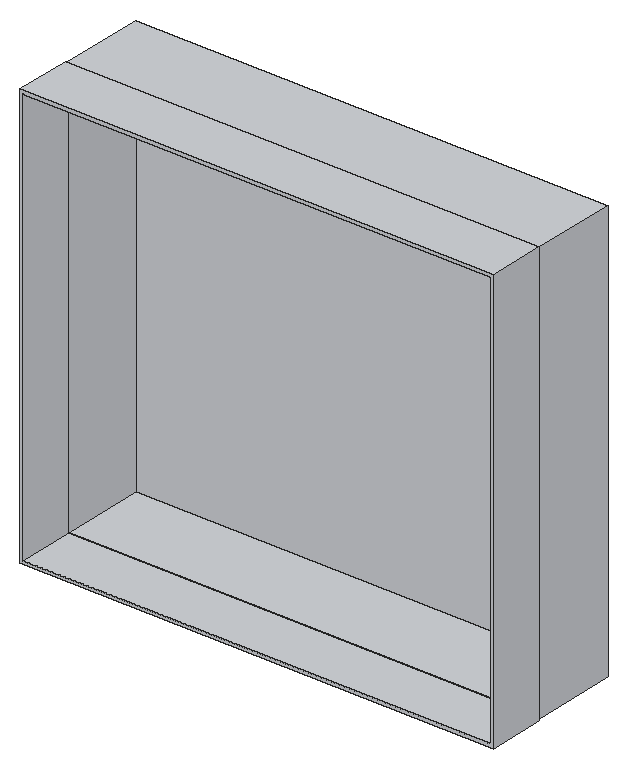
Revit family "Hager-Vega_D-IP30-vazio-NoHosted-PT-pt", category Electrical Equipment, Revit 2020
Family settings
  Panel Configuration = Two Columns, Circuits Across
  Round Connector Dimension = Use Diameter
  Part Type = Panelboard
  Work Plane-Based = Yes
  Always vertical = Yes
  Cut with Voids When Loaded = No
  Shared = No
  Room Calculation Point = No
Parameters (values of type "Montagem embutida IP30 L600 A537 P182 24 unidade de divisão - FU22AN")
  Width Control [instance] = if([HG000006 - Encastrado], if([EF000846 - Largura para embutir] > min_whd, [EF000846 - Largura para embutir], min_whd), if([EF000008 - Largura] > min_whd, ([EF000008 - Largura]), min_whd))  # 600 mm
  Void Depth [instance] = if([EF000218 - Profundidade incorporada] > 1 mm, [EF000218 - Profundidade incorporada], 1 mm)  # 110 mm
  Type Comments = [HG000003 - Gama]  # "Vega D"
  System Height [instance] = Height Control - 2 * [HG000005 - Espessura]  # 531 mm
  Panel Name [instance] = ""  # (empty or 0)
  Offset [instance] = 0 mm
  Model = [HG000004 - Referência do Fabricante]  # "FU22AN"
  Level Offset [instance] = [Flush Mounted - Door Frame Width] + Offset  # 0 mm
  HG000017 - Distância entre polos = 18 mm
  HG000016 - Visibilidade da porta 3D [instance] = yes
  HG000015 - Visibilidade através da porta [instance] = no
  HG000014 - Porta à direita [instance] = yes
  HG000013 - Porta à esquerda [instance] = not([HG000014 - Porta à direita])  # no
  HG000012 - Ângulo de abertura de porta [instance] = 45.00°
  HG000011 - Filas vazias desde da parte de baixo = no
  HG000010 - Portas assimétricas = no
  HG000009 - Porta dupla = no
  HG000008 - Número de filas vazias = 0
  HG000007 - Número de colunas vazias = 0
  HG000006 - Encastrado = yes
  HG000005 - Espessura = 3 mm  # constant formula
  HG000004 - Referência do Fabricante = "FU22AN"
  HG000003 - Gama = "Vega D"
  HG000002 - Com porta ou tampa = no
  HG000001 - Número de colunas = 0
  EF015941 - Porta para passagem de sinal = no
  EF015777 - Borne de neutro = no
  EF015776 - Borne de terra = no
  EF009212 - Tipo de tampa = "EV009916 - Com recuo"
  EF006306 - Com fecho = no
  EF006244 - Tampa/porta transparente = no
  EF005474 - Grau de proteção (IP) = "EV006410 - IP30"
  EF004462 - Tipo de fecho = ""
  EF002950 - Largura em número de módulos = 24
  EF001596 - Material do corpo = "EV000154 - Outro"
  EF001134 - Calha DIN = yes
  EF001131 - Profundidade interior = 110 mm
  EF001088 - Extensão possível = yes
  EF001062 - Versão EMC = no
  EF000846 - Largura para embutir = 600 mm
  EF000339 - Tipo de difusor = "EV000494 - Nenhum"
  EF000332 - Altura embutida = 537 mm
  EF000266 - Número de linhas = 0
  EF000218 - Profundidade incorporada = 110 mm
  EF000118 - Com tampa de montagem = no
  EF000116 - Número RAL = "9010"
  EF000049 - Profundidade = 182 mm
  EF000040 - Altura = 537 mm
  EF000008 - Largura = 600 mm
  EF000007 - Cor = "EV000202 - Branco"
  EF000003 - Método de montagem = "EV000383 - Montagem embutida (gesso)"
  Description = ""
  Default Elevation = 1219.2 mm
  Arrow Offset [instance] = Depth Control / 8  # 13.75 mm
  Arrow Height [instance] = Depth Control - Arrow Offset  # 96.25 mm
  Host Offset [instance] = if([HG000006 - Encastrado], 0 mm, [EF000049 - Profundidade])  # 0 mm
  min_whd [instance] = (2 * [HG000005 - Espessura]) + 1 mm  # 7 mm
  Manufacturer = "Hager"  # constant formula
  Height Control [instance] = if([HG000006 - Encastrado], if([EF000332 - Altura embutida] > min_whd, [EF000332 - Altura embutida], min_whd), if([EF000040 - Altura] > min_whd, ([EF000040 - Altura]), min_whd))  # 537 mm
  Flush Mounted - Door Frame Width [instance] = if(([EF000040 - Altura] - [EF000332 - Altura embutida]) > 0 mm, if([HG000006 - Encastrado], [EF000040 - Altura] - [EF000332 - Altura embutida], 0 mm), 0 mm)  # 0 mm
  Depth Control [instance] = if([HG000006 - Encastrado], if([EF000218 - Profundidade incorporada] > 0 mm, [EF000218 - Profundidade incorporada], 1 mm), if([EF000049 - Profundidade] > 0 mm, ([EF000049 - Profundidade]), 1 mm))  # 110 mm
Reference planes
  plane 1 "Center (Front/Back)": y = 0
  plane 2: z = 0
  plane 3 "Center (Left/Right)": x = 0
  plane 4: y = 3
  plane 5: y = 110
  plane 6: y = 0
  plane 7: z = 0
  plane 8: x = -300
  plane 9: x = 300
  plane 10: x = 297
  plane 11: x = -297
  plane 12: z = 0
  plane 13: z = 3
  plane 14: y = 5
  plane 15: y = 0
  plane 16: y = 107
  plane 17: z = 534
  plane 18: z = 537
  plane 19: z = 268.5
  plane 20: x = 0
  plane 21: y = -100
Forms (mm)
  Extrusion 1, solid
    sketch origin (-208.679, -4572, 0) x (-1, 0, 0) y (0, -1, 0)
      loop
        line (91.321, -4572) -> (-508.679, -4572) -> (-508.679, -4682) -> (91.321, -4682) -> (91.321, -4572)
    from 0 to 537 <- "Height Control"
  Extrusion 2, void
    sketch origin (-350.771, 0, 1219.2) x (1, 0, 0) y (0, 0, 1)
      loop
        line (53.771, -685.2) -> (53.771, -1216.2) -> (647.771, -1216.2) -> (647.771, -685.2) -> (53.771, -685.2)
    from 0 to -107
  Extrusion 3, solid, detail levels coarse+medium
    sketch origin (-350.771, 0, 1219.2) x (-1, 0, 0) y (0, 0, 1)
      loop
        line (-53.771, -685.2) -> (-647.771, -685.2) -> (-647.771, -1216.2) -> (-53.771, -1216.2) -> (-53.771, -685.2)
    from 0 to 3 <- "HG000005 - Espessura"
Cuts and joins
  Extrusion 2 cuts Extrusion 1
Dimensions and locks
  "Flush Mounted - Door Frame Width": plane 1 "Center (Front/Back)" to plane 6
  "HG000005 - Espessura": plane 4 to plane 6
  "HG000005 - Espessura": plane 8 to plane 11
  "HG000005 - Espessura": plane 9 to plane 10
  equal spacing: plane 8, plane 3 "Center (Left/Right)", plane 9
  "Width Control": plane 8 to plane 9
  locked: plane 14 to plane 15 at 5
  "Host Offset": plane 1 "Center (Front/Back)" to plane 15
  "Depth Control": plane 5 to plane 15
  "HG000005 - Espessura": plane 5 to plane 16
  "HG000005 - Espessura": plane 13 to plane 12
  "Level Offset": plane 12 to level
  "HG000005 - Espessura": plane 18 to plane 17
  "Height Control": plane 18 to plane 12
  "Arrow Offset": plane 5 to nested 4
  equal spacing: plane 18, plane 19, plane 12
  locked: connector elem to plane 19
  locked: connector elem to plane 3 "Center (Left/Right)"
  aligned and locked: nested 1 to plane 14
  aligned and locked: plane 3 "Center (Left/Right)" to nested 1
  aligned and locked: plane 3 "Center (Left/Right)" to nested 2
  aligned and locked: nested 2 to plane 15
  aligned and locked: plane 5 to Extrusion 1
  aligned and locked: Extrusion 3 sketch curve to plane 17
  aligned and locked: Extrusion 3 sketch curve to plane 11
  aligned and locked: Extrusion 3 sketch curve to plane 13
  aligned and locked: Extrusion 3 sketch curve to plane 10
  aligned and locked: Extrusion 2 sketch curve to plane 13
  aligned and locked: Extrusion 2 sketch curve to plane 10
  aligned and locked: Extrusion 2 sketch curve to plane 17
  aligned and locked: Extrusion 2 sketch curve to plane 11
  aligned and locked: plane 16 to Extrusion 2
  aligned and locked: plane 5 to Extrusion 1 sketch curve
  aligned and locked: plane 9 to Extrusion 1 sketch curve
  aligned and locked: plane 8 to Extrusion 1 sketch curve
  aligned and locked: plane 8 to nested 4
  aligned and locked: plane 8 to nested 3
  aligned and locked: nested 3 to plane 5
  aligned and locked: Extrusion 1 sketch curve to plane 15
  aligned and locked: Extrusion 2 to plane 15
Nested families
  nested 1: "Hager_Enclosure_System" at (0, 5, 3), Flush_Mounted <- "HG000006 - Encastrado", Width <- "EF000008 - Largura", Height <- "System Height", Width_Control <- "Width Control", Row_Module_Multiplicator <- "EF002950 - Largura em número de módulos", Empty_Columns <- "HG000007 - Número de colunas vazias", Built-in_Width <- "EF000846 - Largura para embutir", Border <- "HG000005 - Espessura", Total_No_Empty_Rows <- "HG000008 - Número de filas vazias", Depth <- "HG000005 - Espessura", Empty_Rows_From_Bottom <- "HG000011 - Filas vazias desde da parte de baixo", Distance_Between_Poles <- "HG000017 - Distância entre polos", Rows_Count <- "EF000266 - Número de linhas", Columns_Count <- "HG000001 - Número de colunas", type "Hager_Enclosure_System", detail levels medium+fine
    with Width_Control 600 mm, Width 600 mm, Total_No_Rows 0, Total_No_Empty_Rows 0, Total_No_Columns 1, System_Width 594 mm, Rows_Count 0, Rows_Column 0, Row_Module_Multiplicator 24, Panel_4 no, Panel_3 no, Panel_2 no, Panel_1 no, No_Panels_Ctrl 1, Hide_Columns yes, Height 531 mm, Flush_Mounted yes, Empty_Rows_From_Bottom no, Empty_Rows_Column 0, Empty_Columns 0, Distance_Between_Poles 18 mm, Depth 3 mm, Columns_Count 0, Column_Width 594 mm, Built-in_Width 600 mm, Border 3 mm
  nested 2: "Hager_Enclosure_Door" at (0, 0, 0), Double <- "HG000009 - Porta dupla", Height_Ctrl <- "Height Control", Transparent <- "EF006244 - Tampa/porta transparente", Depth <- "EF000049 - Profundidade", Height <- "EF000040 - Altura", Angle <- "HG000012 - Ângulo de abertura de porta", Door_Right <- "HG000014 - Porta à direita", Assymetrical <- "HG000010 - Portas assimétricas", Flush_Mounted <- "HG000006 - Encastrado", BuiltIn_Depth <- "EF000218 - Profundidade incorporada", BuiltIn_Width <- "EF000846 - Largura para embutir", Door <- "HG000002 - Com porta ou tampa", Width_Ctrl <- "Width Control", 3d_Door <- "HG000016 - Visibilidade da porta 3D", Width <- "EF000008 - Largura", Border <- "HG000005 - Espessura", BuiltIn_Height <- "EF000332 - Altura embutida", Clearance <- "HG000015 - Visibilidade através da porta", Door_Left <- "HG000013 - Porta à esquerda", type "Hager_Enclosure_Door", detail levels medium+fine
    with min_wh 7 mm, Width_Ctrl 600 mm, Width 600 mm, Transparent_Door_No_Bottom_Border no, Transparent no, Leaf_Width 591 mm, Leaf_Tolerance 1.5 mm, Leaf_Height 528 mm, Leaf_2_Width 591 mm, Leaf_2_Offset 295.5 mm, Leaf_1_Width 591 mm, Leaf_1_Offset 295.5 mm, Height_Ctrl 537 mm, Height 537 mm, Frame_Width_Ctrl 1 mm, Frame_Width 0 mm, Frame_Internal_Offset 3 mm, Frame_Height_Ctrl 1 mm, Frame_Height 0 mm, Frame_Depth_Ctrl 72 mm, Frame_Depth 72 mm, Flush_Mounted yes, Double_Clearance_Ctrl no, Double no, Door_Right_Ctrl no, Door_Right yes, Door_Left_Ctrl no, Door_Left no, Door no, Depth 182 mm, Clearance_Depth 591 mm, Clearance_Ctrl no, Clearance no, BuiltIn_Width 600 mm, BuiltIn_Height 537 mm, BuiltIn_Depth 110 mm, Border 3 mm, Assymetrical no, Angle 45.00°, 3d_Door yes
  nested 3: "Hager_Enclosure_Symbol_Triangle" at (-300, 110, 0), Depth <- "Depth Control", Width <- "Width Control", type "Hager_Enclosure_Symbol_Triangle"
    with Width_Ctrl 600 mm, Width 600 mm, Depth_Ctrl 110 mm, Depth 110 mm
  nested 4: "Hager_Enclosure_Symbol_Arrow" at (-300, 96.25, 0), Height <- "Arrow Height", type "Hager_Enclosure_Symbol_Arrow"
    with Width_Inside 7.219 mm, Width 86.625 mm, Height_Ctrl 96.25 mm, Height 96.25 mm
Connectors
  electrical at (0, 110, 268.5)
    settings: on plane 5, index 1, voltage 0 V, apparent load 0 VA, apparent load phase1 0 VA, apparent load phase2 0 VA, apparent load phase3 0 VA, power factor 1, load classification "Other", number of poles 1, system type 30, power factor state 1, is connector primary yes, connector utility no, sub classification motor no, connector description ""
Definition of nested family "Hager_Enclosure_Door"
  Parameters (values of type "Hager_Enclosure_Door")
    min_wh [instance] = (2 * Border) + 1 mm  # 11 mm
    Width_Ctrl [instance] = 400 mm
    Width [instance] = 500 mm
    Transparent_Door_No_Bottom_Border [instance] = no
    Transparent [instance] = yes
    Leaf_Width [instance] = if((Width_Ctrl - 2 * Border - 2 * Leaf_Tolerance) > 0 mm, (Width_Ctrl - 2 * Border - 2 * Leaf_Tolerance), min_wh)  # 387 mm
    Leaf_Tolerance [instance] = 1.5 mm  # constant formula
    Leaf_Height [instance] = if((Height_Ctrl - 2 * Border - 2 * Leaf_Tolerance) > 0 mm, (Height_Ctrl - 2 * Border - 2 * Leaf_Tolerance), min_wh)  # 387 mm
    Leaf_2_Width [instance] = if(and(and(Double, Assymetrical), Door_Left), (Leaf_Width / 3) - (Leaf_Tolerance / 2), if(and(and(Double, Assymetrical), Door_Right), (Leaf_Width / 3) * 2 - (Leaf_Tolerance / 2), if(and(Double, not(Assymetrical)), (Leaf_Width / 2) - Leaf_Tolerance, Leaf_Width)))  # 387 mm
    Leaf_2_Offset [instance] = if(and(Double, Assymetrical), Leaf_2_Width / 2, if(and(Double, not(Assymetrical)), Leaf_Width / 4, Leaf_Width / 2))  # 193.5 mm
    Leaf_1_Width [instance] = if(and(and(Double, Assymetrical), Door_Right), (Leaf_Width / 3) - (Leaf_Tolerance / 2), if(and(and(Double, Assymetrical), Door_Left), (Width / 3) * 2 - (Leaf_Tolerance / 2), if(and(Double, not(Assymetrical)), (Leaf_Width / 2) - Leaf_Tolerance, Leaf_Width)))  # 387 mm
    Leaf_1_Offset [instance] = if(and(Double, Assymetrical), Leaf_1_Width / 2, if(and(Double, not(Assymetrical)), Leaf_Width / 4, Leaf_Width / 2))  # 193.5 mm
    Height_Ctrl [instance] = 400 mm
    Height [instance] = 500 mm
    Frame_Width_Ctrl [instance] = if(Frame_Width > 0 mm, Frame_Width, 1 mm)  # 1 mm
    Frame_Width [instance] = Width - BuiltIn_Width  # 0 mm
    Frame_Internal_Offset [instance] = if(Flush_Mounted, Border, 0 mm)  # 5 mm
    Frame_Height_Ctrl [instance] = if(Frame_Height > 0 mm, Frame_Height, 1 mm)  # 1 mm
    Frame_Height [instance] = Height - BuiltIn_Height  # 0 mm
    Frame_Depth_Ctrl [instance] = if(Frame_Depth > 0 mm, Frame_Depth, 1 mm)  # 1 mm
    Frame_Depth [instance] = if(Depth - BuiltIn_Depth > 0 mm, if(Flush_Mounted, Depth - BuiltIn_Depth, 0 mm), 0 mm)  # 0 mm
    Flush_Mounted [instance] = yes
    Double_Clearance_Ctrl [instance] = and(Double, Clearance)  # no
    Double [instance] = no
    Door_Right_Ctrl [instance] = and(or(Door_Right, Double), Door)  # yes
    Door_Right [instance] = yes
    Door_Left_Ctrl [instance] = and(or(Door_Left, Double), Door)  # no
    Door_Left [instance] = no
    Door [instance] = yes
    Depth [instance] = 500 mm
    Default Elevation = 1219.2 mm
    Clearance_Material = none
    Clearance_Depth [instance] = if(Leaf_1_Width > Leaf_2_Width, Leaf_1_Width, Leaf_2_Width)  # 387 mm
    Clearance_Ctrl [instance] = and(not(Double), Clearance)  # yes
    Clearance [instance] = yes
    BuiltIn_Width [instance] = 500 mm
    BuiltIn_Height [instance] = 500 mm
    BuiltIn_Depth [instance] = 500 mm
    Border [instance] = 5 mm
    Assymetrical [instance] = yes
    Angle [instance] = 30.00°
    3d_Door [instance] = yes
  Reference planes
    plane 1 "Center (Front/Back)": y = 0
    plane 2 "Bottom": z = 0
    plane 3 "Center (Left/Right)": x = 0
    plane 4: z = 400
    plane 5: x = -200
    plane 6: x = 200
    plane 7: z = 395
    plane 8: x = -195
    plane 9: z = 5
    plane 10: x = 195
    plane 11: y = 0
    plane 12: z = 6.5
    plane 13: x = -582
    plane 14: y = -387
    plane 15: x = 582
    plane 16: x = 0
    plane 17: x = 0
    plane 18: x = -193.5
    plane 19: x = 193.5
    plane 20: z = 393.5
  Forms (mm)
    Extrusion 1, solid, visible <- "Flush_Mounted"
      sketch origin (0, 0, 0) x (1, 0, 0) y (0, 0, 1)
        loop
          line (195, 5) -> (195, 395) -> (-195, 395) -> (-195, 5) -> (195, 5)
        loop
          line (-201, 401) -> (-201, -1) -> (201, -1) -> (201, 401) -> (-201, 401)
      from 0 to 1 <- "Frame_Depth_Ctrl"
    Extrusion 2, solid, material <- "Clearance_Material", visible <- "Double_Clearance_Ctrl"
      sketch origin (1200, 0, 0) x (1, 0, 0) y (0, 0, -1)
        loop
          line (-1782, -393.5) -> (-618, -393.5) -> (-618, 0) -> (-1782, 0) -> (-1782, -393.5)
      from 0 to -387
  Dimensions and locks
    equal spacing: plane 5, plane 3 "Center (Left/Right)", plane 6
    "Width_Ctrl": plane 5 to plane 6
    "Border": plane 5 to plane 8
    "Border": plane 6 to plane 10
    "Border": plane 9 to level
    "Border": plane 4 to plane 7
    "Height_Ctrl": plane 4 to level
    "Leaf_Tolerance": plane 12 to plane 9
    "Frame_Depth": plane 11 to plane 1 "Center (Front/Back)"
    "Frame_Width_Ctrl": plane 5 to Extrusion 1 sketch curve
    "Frame_Width_Ctrl": plane 6 to Extrusion 1 sketch curve
    "Frame_Width_Ctrl": Extrusion 1 sketch curve to plane 4
    "Frame_Width_Ctrl": plane 2 "Bottom" to Extrusion 1 sketch curve
    "Leaf_1_Offset": plane 18 to plane 16
    "Leaf_2_Offset": plane 17 to plane 19
    "Leaf_1_Width": plane 13 to plane 8
    "Leaf_2_Width": plane 10 to plane 15
    "Clearance_Depth": plane 14 to plane 1 "Center (Front/Back)"
    "Leaf_Tolerance": plane 8 to plane 18
    "Leaf_Tolerance": plane 19 to plane 10
    "Leaf_Tolerance": plane 7 to plane 20
    "Frame_Internal_Offset": plane 5 to Extrusion 1 sketch curve
    "Frame_Internal_Offset": Extrusion 1 sketch curve to plane 2 "Bottom"
    "Frame_Internal_Offset": plane 6 to Extrusion 1 sketch curve
    "Frame_Internal_Offset": plane 4 to Extrusion 1 sketch curve
    aligned and locked: level to plane 2 "Bottom"
    aligned and locked: nested 1 to plane 16
    aligned and locked: nested 2 to plane 17
    aligned and locked: Extrusion 2 to plane 13
    aligned and locked: plane 15 to Extrusion 2
    aligned and locked: Extrusion 2 to plane 14
    aligned and locked: plane 12 to nested 1
    aligned and locked: nested 2 to plane 12
    aligned and locked: Extrusion 2 to plane 11
    aligned and locked: plane 20 to Extrusion 2
    aligned and locked: nested 2 to plane 11
    aligned and locked: nested 1 to plane 11
  Automatic sketch dimensions
    Extrusion 2 sketch curve to level = 0 mm
    plane 5 to Extrusion 2 sketch curve = 382 mm
    plane 6 to Extrusion 2 sketch curve = 382 mm
    Extrusion 2 sketch curve to plane 4 = 6.5 mm
  Nested families
    nested 1: "Hager_Enclosure_Door_Leaf" at (0, 0, 6.5), Width <- "Leaf_1_Width", visible <- "Door_Left_Ctrl", Leaf_Height <- "Leaf_Height", Angle <- "Angle", Depth <- "Border", 3d_Door <- "3d_Door", Transparent <- "Transparent", Clearance Material <- "Clearance_Material", Clearance <- "Clearance_Ctrl", Transparent_Door_No_Bottom_Border <- "Transparent_Door_No_Bottom_Border", type "Hager_Enclosure_Door_Leaf"
      with Width 387 mm, Transparent_Door_No_Bottom_Border no, Transparent_Door_Border_Bottom_Top 25 mm, Transparent_Door_Border 25 mm, Transparent_Ctrl yes, Transparent yes, Standard no, Leaf_Height 387 mm, Glass_Offset 1 mm, Depth 5 mm, Clearance Material none, Clearance yes, Angle_Ctrl 30.00°, Angle 30.00°, 3d_Door yes
    nested 2: "Hager_Enclosure_Door_Leaf" at (0, 0, 6.5) x (-1, 0, 0) z (0, 0, 1), Width <- "Leaf_2_Width", visible <- "Door_Right_Ctrl", Leaf_Height <- "Leaf_Height", Angle <- "Angle", Depth <- "Border", 3d_Door <- "3d_Door", Transparent <- "Transparent", Clearance Material <- "Clearance_Material", Clearance <- "Clearance_Ctrl", Transparent_Door_No_Bottom_Border <- "Transparent_Door_No_Bottom_Border", type "Hager_Enclosure_Door_Leaf"
      with Width 387 mm, Transparent_Door_No_Bottom_Border no, Transparent_Door_Border_Bottom_Top 25 mm, Transparent_Door_Border 25 mm, Transparent_Ctrl yes, Transparent yes, Standard no, Leaf_Height 387 mm, Glass_Offset 1 mm, Depth 5 mm, Clearance Material none, Clearance yes, Angle_Ctrl 30.00°, Angle 30.00°, 3d_Door yes
  Definition of nested family "Hager_Enclosure_Door_Leaf"
    Parameters (values of type "Hager_Enclosure_Door_Leaf")
      Width [instance] = 2000 mm
      Transparent_Door_No_Bottom_Border [instance] = yes
      Transparent_Door_Border_Bottom_Top [instance] = if(Transparent_Door_No_Bottom_Border, 0.1 mm, Transparent_Door_Border)  # 0.1 mm
      Transparent_Door_Border [instance] = if(Transparent_Door_No_Bottom_Border, (Width * 0.12), 25 mm)  # 240 mm
      Transparent_Ctrl [instance] = and(Transparent, [3d_Door])  # yes
      Transparent [instance] = yes
      Standard [instance] = and(not(Transparent), [3d_Door])  # no
      Leaf_Height [instance] = 2720.336 mm
      Glass_Offset [instance] = if((Depth - 10 mm) / 2 > 0 mm, (Depth - 10 mm) / 2, 1 mm)  # 15 mm
      Glass_Material = none
      Depth [instance] = 40 mm
      Default Elevation = 0 mm
      Clearance Material [instance] = none
      Clearance [instance] = yes
      Angle_Ctrl [instance] = if(Angle > 170.00°, 170.00°, Angle)  # 45.00°
      Angle [instance] = 45.00°
      3d_Door [instance] = yes
    Reference planes
      plane 1 "Center (Front/Back)": y = 0
      plane 2: z = 0
      plane 3 "Center (Left/Right)": x = 0
      plane 4: y = 2000
      plane 5: x = -1000
      plane 6: x = 1000
      plane 7: x = -3000
      plane 8: z = 2720.336
      plane 9: z = 0.1
      plane 10: z = 2720.236
      plane 11: x = 760
      plane 12: x = -760
    Forms (mm)
      Extrusion 1, solid, material <- "Clearance Material", visible <- "Clearance"
        sketch origin (0, 0, 0) x (1, 0, 0) y (0, 0, 1)
          loop
            line (-3000, 2720.336) -> (-3000, 0) -> (1000, 0) -> (1000, 2720.336) -> (-3000, 2720.336)
        from 0 to -2000
      Extrusion 2, solid, visible <- "Standard", detail levels medium+fine
        sketch origin (-1000, 0, 0) x (0.707107, 0.707107, 0) y (-0.707107, 0.707107, 0)
          loop
            line (0, -40) -> (2000, -40) -> (2000, 0) -> (0, 0) -> (0, -40)
        from 0 to 2720.336 <- "Leaf_Height"
      Extrusion 3, solid, visible <- "Transparent_Ctrl", detail levels medium+fine
        sketch origin (-1000, 0, 0) x (0.707107, 0.707107, 0) y (-0.707107, 0.707107, 0)
          loop
            line (0, -40) -> (2000, -40) -> (2000, 0) -> (0, 0) -> (0, -40)
        from 0 to 2720.336 <- "Leaf_Height"
      Extrusion 4, void, detail levels medium+fine
        sketch origin (-1000, 0, 0) x (-0.707107, 0.707107, 0) y (0.707107, 0.707107, 0)
          loop
            line (0, 240) -> (0, 1760) -> (-40, 1760) -> (-40, 240) -> (0, 240)
        from -2720.236 to -0.1
      Extrusion 5, solid, material <- "Glass_Material", visible <- "Transparent_Ctrl", detail levels medium+fine
        sketch origin (-1000, 0, 0) x (0.707107, 0.707107, 0) y (-0.707107, 0.707107, 0)
          loop
            line (240, -15) -> (240, -25) -> (1760, -25) -> (1760, -15) -> (240, -15)
        from 0.1 to 2720.236
    Cuts and joins
      Extrusion 4 cuts Extrusion 3
    Lines and regions (mm)
      symbolic lines
        curve 1: line (1000, 0, 0) -> (-3000, 0, 0)
        curve 2: arc (1000, 0, 0) -> (-1000, 2000, 0) -> (-3000, 0, 0) r 2000
        curve 4: line (-1000, 0, 0) -> (414.214, 1414.214, 0)
      reference lines
        curve 3: line (-1000, 0, 0) -> (414.214, 1414.214, 0)
      symbolic lines, detail levels medium+fine
        curve 5: line (414.214, 1414.214, 0) -> (442.498, 1385.929, 0)
        curve 6: line (442.498, 1385.929, 0) -> (-971.716, -28.284, 0)
        curve 7: line (-971.716, -28.284, 0) -> (-1000, 0, 0)
        curve 8: line (-1000, 0, 2720.336) -> (1000, 0, 2720.336)
        curve 9: line (-1000, 0, 0) -> (-1000, 0, 2720.336)
        curve 10: line (1000, 0, 0) -> (-1000, 0, 0)
        curve 11: line (1000, 0, 2720.336) -> (1000, 0, 0)
      symbolic lines, visible <- "Transparent_Ctrl", detail levels medium+fine
        curve 12: line (-760, 0, 2720.236) -> (760, 0, 2720.236)
        curve 13: line (-760, 0, 0.1) -> (-760, 0, 2720.236)
        curve 14: line (760, 0, 0.1) -> (-760, 0, 0.1)
        curve 15: line (760, 0, 2720.236) -> (760, 0, 0.1)
    Dimensions and locks
      "Width": plane 1 "Center (Front/Back)" to plane 4
      equal spacing: plane 5, plane 3 "Center (Left/Right)", plane 6
      "Width": plane 5 to plane 6
      "Width": plane 7 to plane 5
      "Leaf_Height": plane 8 to level
      "Depth": curve 6 to curve 3
      "Width": curve 5 to curve 3
      "Width": curve 3 to curve 3
      "Transparent_Door_Border": Extrusion 4 sketch curve to curve 7
      "Transparent_Door_Border": Extrusion 4 sketch curve to curve 5
      "Transparent_Door_Border_Bottom_Top": plane 8 to plane 10
      "Transparent_Door_Border_Bottom_Top": plane 9 to level
      "Glass_Offset": Extrusion 5 sketch curve to curve 4
      "Glass_Offset": Extrusion 5 sketch curve to curve 6
      "Transparent_Door_Border": Extrusion 5 sketch curve to curve 5
      "Transparent_Door_Border": Extrusion 5 sketch curve to curve 7
      "Transparent_Door_Border": plane 12 to plane 5
      "Transparent_Door_Border": plane 6 to plane 11
      "Angle_Ctrl": angle plane 1 "Center (Front/Back)" to curve 3
      aligned and locked: level to plane 2
      aligned and locked: Extrusion 1 to curve 1
      aligned and locked: plane 6 to Extrusion 1
      aligned and locked: Extrusion 1 to plane 1 "Center (Front/Back)"
      aligned and locked: plane 4 to Extrusion 1
      aligned and locked: plane 8 to Extrusion 1
      aligned and locked: curve 4 to curve 3
      aligned and locked: Extrusion 2 sketch curve to curve 7
      aligned and locked: Extrusion 2 sketch curve to curve 6
      aligned and locked: Extrusion 2 sketch curve to curve 5
      aligned and locked: Extrusion 2 sketch curve to curve 3
      aligned and locked: curve 7 to Extrusion 3 sketch curve
      aligned and locked: Extrusion 3 sketch curve to curve 4
      aligned and locked: Extrusion 3 sketch curve to curve 6
      aligned and locked: Extrusion 3 sketch curve to curve 5
      aligned and locked: curve 4 to Extrusion 4 sketch curve
      aligned and locked: curve 6 to Extrusion 4 sketch curve
      aligned and locked: Extrusion 4 to plane 9
      aligned and locked: Extrusion 4 to plane 10
      aligned and locked: Extrusion 5 to plane 9
      aligned and locked: Extrusion 5 to plane 10
      aligned and locked: curve 8 to plane 8
      aligned and locked: plane 5 to curve 9
      aligned and locked: plane 2 to curve 10
      aligned and locked: curve 11 to plane 6
      aligned and locked: plane 10 to curve 12
      aligned and locked: plane 12 to curve 13
      aligned and locked: curve 14 to plane 9
      aligned and locked: plane 11 to curve 15
    Automatic sketch dimensions
      plane 1 "Center (Front/Back)" to curve 2 = 0 mm
      curve 2 to plane 5 = 0 mm
      Extrusion 1 sketch curve to level = 0 mm
      Extrusion 1 sketch curve to plane 7 = 0 mm
      Extrusion 1 sketch curve to plane 6 = 0 mm
      Extrusion 1 sketch curve to plane 8 = 0 mm
      plane 1 "Center (Front/Back)" to curve 3 = 0 mm
      curve 3 to plane 5 = 0 mm
      curve 7 to curve 3 = 0 mm
Definition of nested family "Hager_Enclosure_Symbol_Triangle"
  Parameters (values of type "Hager_Enclosure_Symbol_Triangle")
    Width_Ctrl [instance] = if(Width > 1 mm, Width, 1 mm)  # 498 mm
    Width [instance] = 498 mm
    Depth_Ctrl [instance] = if(Depth > 1 mm, Depth, 1 mm)  # 72 mm
    Depth [instance] = 72 mm
  Reference planes
    plane 1 "Centre (avant/arrière)": y = 0
    plane 2: z = 0
    plane 3 "Centre (gauche/droite)": x = 0
  Lines and regions (mm)
    Filled region 1, type "Solid_Black", in view "Niveau de réf."
      outline origin (0, 0, 0) x (1, 0, 0) y (0, 1, 0)
        loop
          line (0, 0) -> (498, 0) -> (498, 72) -> (0, 0)
    reference lines, in view "Niveau de réf."
      curve 1: line (-206.153, 72, 0) -> (1083.258, 72, 0)
      curve 2: line (498, 405.456, 0) -> (498, -517.619, 0)
  Dimensions and locks
    "Depth_Ctrl": plane 1 "Centre (avant/arrière)" to curve 1
    "Width_Ctrl": plane 3 "Centre (gauche/droite)" to curve 2
    aligned and locked: curve 1 to Filled region 1 sketch curve
    aligned and locked: Filled region 1 sketch curve to plane 1 "Centre (avant/arrière)"
    aligned and locked: curve 2 to Filled region 1 sketch curve
    aligned and locked: plane 3 "Centre (gauche/droite)" to Filled region 1 sketch curve
    aligned and locked: plane 1 "Centre (avant/arrière)" to Filled region 1 sketch curve
  Automatic sketch dimensions
    curve 1 to plane 3 "Centre (gauche/droite)" = 206.153 mm
    curve 2 to curve 1 = 585.258 mm
    plane 1 "Centre (avant/arrière)" to curve 2 = 517.619 mm
    curve 2 to plane 1 "Centre (avant/arrière)" = 405.456 mm
Definition of nested family "Hager_Enclosure_Symbol_Arrow"
  Parameters (values of type "Hager_Enclosure_Symbol_Arrow")
    Width_Inside [instance] = if(Width / 12 > 2 mm, Width / 12, 2 mm)  # 4.987 mm
    Width [instance] = if(Height_Ctrl * 0.9 > 2 mm, Height_Ctrl * 0.9, 2 mm)  # 59.85 mm
    Height_Ctrl [instance] = if(Height > 2 mm, Height, 2 mm)  # 66.5 mm
    Height [instance] = 66.5 mm
  Reference planes
    plane 1 "Centre (avant/arrière)": y = 0
    plane 2: z = 0
    plane 3 "Centre (gauche/droite)": x = 0
    plane 4: x = 59.85
    plane 5: y = 28.263
    plane 6: y = 38.238
    plane 7: y = 66.5
    plane 8: x = 29.925
    plane 9: y = 33.25
  Lines and regions (mm)
    Filled region 1, type "Solid_Black", in view "Niveau de réf."
      outline origin (0, 0, 0) x (1, 0, 0) y (0, 1, 0)
        loop
          line (59.85, 66.5) -> (37.929, 52.827) -> (51.846, 41.935) -> (59.85, 66.5)
    detail lines, in view "Niveau de réf."
      curve 1: line (0, 0, 0) -> (29.925, 38.238, 0)
      curve 2: line (29.925, 38.238, 0) -> (29.925, 28.263, 0)
      curve 3: line (29.925, 28.263, 0) -> (59.85, 66.5, 0)
  Dimensions and locks
    "Width": plane 3 "Centre (gauche/droite)" to plane 4
    "Height_Ctrl": plane 7 to plane 1 "Centre (avant/arrière)"
    equal spacing: plane 3 "Centre (gauche/droite)", plane 8, plane 4
    equal spacing: plane 7, plane 9, plane 1 "Centre (avant/arrière)"
    equal spacing: plane 6, plane 9, plane 5
    "Width_Inside": plane 6 to plane 9
    equal spacing: curve 3, Filled region 1 sketch curve, Filled region 1 sketch curve
    angle Filled region 1 sketch curve to curve 3 = 20.00°
    angle curve 3 to Filled region 1 sketch curve = 20.00°
    locked: curve 3 to Filled region 1 sketch curve (angle 90.00°)
  Automatic sketch dimensions
    plane 1 "Centre (avant/arrière)" to curve 1 = 0 mm
    curve 1 to plane 3 "Centre (gauche/droite)" = 0 mm
    curve 2 to plane 6 = 0 mm
    curve 3 to plane 8 = 0 mm
    curve 3 to plane 4 = 0 mm
    curve 2 to plane 5 = 0 mm
    curve 3 to plane 7 = 0 mm
    Filled region 1 sketch curve to plane 4 = 0 mm
    Filled region 1 sketch curve to plane 7 = 0 mm
